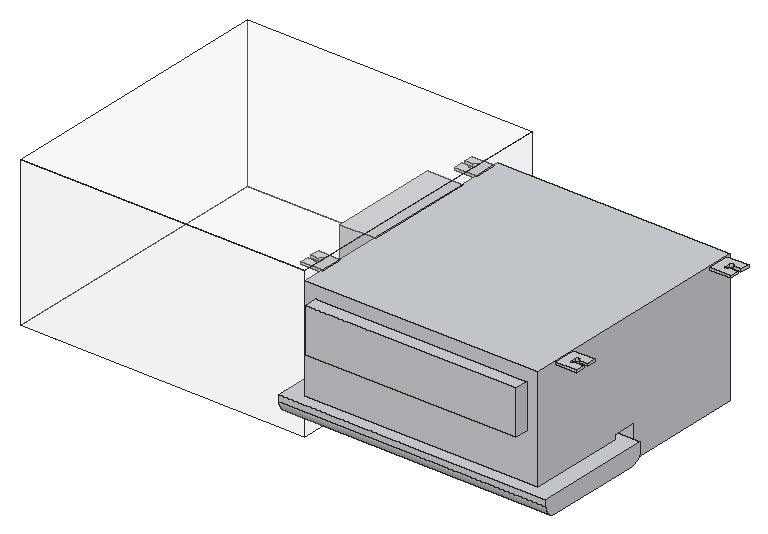
Revit family "pefy-p22_36mlg9(-r)_60Hz", category 機械設備, Revit 2019
Family settings
  丸型コネクタ寸法 = 直径を使用
  パーツ タイプ = 標準
  OmniClass 番号 = 23.75.10.24.21.27.27
  OmniClass タイトル = Split System Air Conditioning Units
  作業面ベース = いいえ
  常に垂直 = はい
  ロード時にボイドで切り取り = いいえ
  共有 = いいえ
  部屋計算ポイント = はい
Parameters (values of type "PEFY-P22MLG9")
  騒音レベル（弱）(dB) = 44
  騒音レベル（中）(dB) = 46
  風量（弱）（m3／min） = 4.8
  風量（中）（m3／min） = 5.8
  風量（m3／min） = 7.9
  音響パワーレベル(dB) = 49
  電圧_電気ヒーター = 0 V
  電動機出力_送風機 = 23 W
  運転質量 = 0.00 kg
  説明 = "ビル用マルチエアコン 室内ユニット 天井埋込形"
  設計暖房能力 [instance] = 0 kW
  設計冷房能力_顕熱 [instance] = 0 kW
  設計冷房能力 [instance] = 0 kW
  設置方法 = "天井吊(隠ぺい)形"
  製造元 = "三菱電機株式会社"
  製品質量 = 18.00 kg
  製品出荷対象 = "国内"
  製品リリース年月 = "2022年9月15日"
  製品グループ = ""
  表示 = yes
  系統 [instance] = ""
  相_電気ヒーター = 1
  盤記号 [instance] = ""
  特殊仕様 [instance] = ""
  消費電力_電気ヒーター = 0 W
  消費電力_暖房 = 70 W
  消費電力_加湿器 = 0 W
  消費電力_冷房 = 70 W
  消費電力 = if(消費電力_冷房 > 消費電力_暖房, 消費電力_冷房, 消費電力_暖房) + 消費電力_加湿器 + 消費電力_電気ヒーター  # 70 W
  法定耐用年数 = "15"
  機外静圧 = 5.0 Pa
  極数 = 1
  材質 [instance] = ""
  形式_加湿器 = ""
  形式 = "天井吊（隠ぺい）形（両ダクト形）"
  幹線記号 [instance] = ""
  呼称 = "室内機_天井吊(隠ぺい)形(両ダクト形)"
  台数_手元リモコン [instance] = ""
  台数_冷媒分岐ユニット [instance] = ""
  参照している仕様書等のバージョン = "公共建築工事標準仕様書（機械設備工事編）平成31年度版"
  加湿給水管径 = 0.00 mm
  分類コード = "50053003221070"
  分類グループ = ""
  冷媒高低圧ガス管径 = 0.00 mm
  価格 = 0
  企業コード = "108420"
  付属品_フィルター = ""
  付属品 [instance] = ""
  仕様書バージョン = "Version1.0"
  モデル = "PEFY-P22MLG9"
  コメント [instance] = ""
  Keynote = ""
  Width = 530 mm
  Version = ""
  Uniclass2015Version = "Systems v1.9"
  Uniclass2015Title = "Split coil remote air cooled condensing units"
  Uniclass2015Code = "Pr_70_65_03_84"
  URL = "https://www.mitsubishielectric.co.jp/ldg/wink/ssl/displayProduct.do?pid=320325"
  SpecificationReference = ""
  SpecificationDescription = ""
  風量 = MAX風量  # 474.0 m³/h
  電源種別 = ""
  電圧 = 200 V
  連動 = ""
  質量 = if(製品質量 > 運転質量, 製品質量, 運転質量) * 1.2  # 21.60 kg
  負荷分類 = 10_ファンコイル類
  記号 [instance] = ""
  符号 = "ACP-CID"
  積算_科目 = "1 空気調和設備"
  積算_拾い区分 [instance] = ""
  相 = 1
  発停方法 = ""
  火災停止 = ""
  本体マテリアル = none
  有効加湿量 = 0
  暖房能力 = 2.5 kW
  始動方式 = "直入"
  周波数 = 60 Hz
  冷房能力 = 2.2 kW
  冷媒管径符号 = "Ac"
  冷媒管径 = 100.00 mm
  冷媒液管径 = 6.35 mm
  冷媒ガス管径 = 12.70 mm
  ドレン管径 = 27.20 mm
  Revision = ""
  R-表示 = no
  ProductInformation = ""
  OmniClassCode = "23-33 17 13 11"
  MIN風量 = 風量（弱）（m3／min） * 60.0 m³/h  # 288.0 m³/h
  MID風量 = 風量（中）（m3／min） * 60.0 m³/h  # 348.0 m³/h
  MAX風量 = 風量（m3／min） * 60.0 m³/h  # 474.0 m³/h
  IfcTypeProduct = ""
  IfcProduct = ""
  IfcExportType = "AIRCONDITIONINGUNIT"
  IfcExportAs = "IfcUnitaryEquipmentType"
  Height = 300 mm
  Depth = 550 mm
  Author = "三菱電機株式会社"
Types (6, lengths in mm): name | 騒音レベル（弱）(dB) | 騒音レベル（中）(dB) | 風量（m3／min） | 音響パワーレベル(dB) | 電動機出力_送風機 | 表示 | 消費電力_暖房 | 消費電力_冷房 | 消費電力 | モデル | URL | 風量 | 暖房能力 | 冷房能力 | R-表示 | MAX風量
  PEFY-P22MLG9 | 44 | 46 | 7.9 | 49 | 23 W | yes | 70 W | 70 W | 70 W | "PEFY-P22MLG9" | "https://www.mitsubishielectric.co.jp/ldg/wink/ssl/displayProduct.do?pid=320325" | 474.0 m³/h | 2.5 kW | 2.2 kW | no | 474.0 m³/h
  PEFY-P22MLG9-R | 44 | 46 | 7.9 | 49 | 23 W | no | 70 W | 70 W | 70 W | "PEFY-P22MLG9-R" | "https://www.mitsubishielectric.co.jp/ldg/wink/ssl/displayProduct.do?pid=320326" | 474.0 m³/h | 2.5 kW | 2.2 kW | yes | 474.0 m³/h
  PEFY-P28MLG9 | 45 | 46 | 7.9 | 50 | 23 W | yes | 70 W | 70 W | 70 W | "PEFY-P28MLG9" | "https://www.mitsubishielectric.co.jp/ldg/wink/ssl/displayProduct.do?pid=320327" | 474.0 m³/h | 3.2 kW | 2.8 kW | no | 474.0 m³/h
  PEFY-P28MLG9-R | 45 | 46 | 7.9 | 50 | 23 W | no | 70 W | 70 W | 70 W | "PEFY-P28MLG9-R" | "https://www.mitsubishielectric.co.jp/ldg/wink/ssl/displayProduct.do?pid=320328" | 474.0 m³/h | 3.2 kW | 2.8 kW | yes | 474.0 m³/h
  PEFY-P36MLG9 | 46 | 47 | 9.3 | 53 | 28 W | yes | 90 W | 90 W | 90 W | "PEFY-P36MLG9" | "https://www.mitsubishielectric.co.jp/ldg/wink/ssl/displayProduct.do?pid=320329" | 558.0 m³/h | 4 kW | 3.6 kW | no | 558.0 m³/h
  PEFY-P36MLG9-R | 46 | 47 | 9.3 | 53 | 28 W | no | 90 W | 90 W | 90 W | "PEFY-P36MLG9-R" | "https://www.mitsubishielectric.co.jp/ldg/wink/ssl/displayProduct.do?pid=320330" | 558.0 m³/h | 4 kW | 3.6 kW | yes | 558.0 m³/h
Reference planes
  plane 1 "中心(正面/背面)": y = 0
  plane 2: z = 0
  plane 3 "中心(左/右)": x = 0
  plane 4 "左": x = -265
  plane 5 "右": x = 265
  plane 6 "正面": y = -275
  plane 7 "背面": y = 275
  plane 8: z = 300
  plane 9: z = 320
  plane 10: z = -20
  plane 11: y = 375
  plane 12: y = -375
  plane 13: x = -915
  plane 14: x = -465
  plane 15: x = 915
  plane 16: x = 465
Lines and regions (mm)
  Masking region 1, detail levels coarse+medium
    outline origin (0, 0, 0) x (1, 0, 0) y (0, 1, 0)
      loop
        line (-265, 275) -> (-265, -275) -> (265, -275) -> (265, 275) -> (-265, 275)
Dimensions and locks
  "Height": plane 8 to level
  equal spacing: plane 4 "左", plane 3 "中心(左/右)", plane 5 "右"
  "Width": plane 4 "左" to plane 5 "右"
  equal spacing: plane 6 "正面", plane 1 "中心(正面/背面)", plane 7 "背面"
  "Depth": plane 6 "正面" to plane 7 "背面"
  locked: plane 9 to plane 8 at 20
  locked: plane 2 to plane 10 at 20
  locked: plane 6 "正面" to plane 11 at 650
  locked: plane 12 to plane 7 "背面" at 650
  locked: plane 13 to plane 4 "左" at 650
  locked: plane 13 to plane 14 at 450
  locked: plane 5 "右" to plane 15 at 650
  locked: plane 16 to plane 15 at 450
  aligned and locked: level to plane 2
  aligned and locked: plane 10 to nested 3
  aligned and locked: plane 9 to nested 3
  aligned and locked: plane 2 to nested 4
  aligned and locked: plane 9 to nested 4
  aligned and locked: plane 11 to nested 3
  aligned and locked: plane 13 to nested 3
  aligned and locked: plane 6 "正面" to nested 3
  aligned and locked: plane 4 "左" to nested 3
  aligned and locked: plane 1 "中心(正面/背面)" to nested 1
  aligned and locked: nested 1 to plane 3 "中心(左/右)"
  aligned and locked: nested 2 to plane 1 "中心(正面/背面)"
  aligned and locked: nested 2 to plane 3 "中心(左/右)"
  aligned and locked: plane 15 to nested 4
  aligned and locked: plane 5 "右" to nested 4
  aligned and locked: plane 6 "正面" to nested 4
  aligned and locked: plane 11 to nested 4
Automatic sketch dimensions
  Masking region 1 sketch curve to plane 4 "左" = 0 mm
  Masking region 1 sketch curve to plane 5 "右" = 0 mm
  plane 6 "正面" to Masking region 1 sketch curve = 0 mm
  plane 7 "背面" to Masking region 1 sketch curve = 0 mm
Nested families
  nested 1: "PEFY-P-MLG" at (0, 0, 0) x (0, -1, 0) z (0, 0, 1), 表示 <- "表示", ①奥行き <- "Width", ①幅 <- "Depth", ①高さ <- "Height", ガス径 <- "冷媒ガス管径", ドレン径 <- "ドレン管径", 配管径 <- "冷媒管径", 液径 <- "冷媒液管径", type "PEFY-P-MLG"
    with 配管径 100 mm, 表示 yes, 液径 6.35 mm, 液W 27 mm, 液H 153 mm, 液D 62 mm, 吊りボルトW 439 mm, 吊りボルトH 0 mm, 吊りボルトD 584 mm, 加湿器径 0 mm, 加湿器W 0 mm, 加湿器H 0 mm, 加湿器D 0 mm, ドレン径 27.2 mm, ドレンW 109 mm, ドレンH 252 mm, ドレンD 62 mm, ダクト高 100 mm, ダクト幅 480 mm, ガス径 12.7 mm, ガスW 139 mm, ガスH 37 mm, ガスD 75 mm, ①高さ 300 mm, ①幅 550 mm, ①奥行き 530 mm
  nested 2: "PEFY-P-MLG" at (0, 0, 0) x (0, -1, 0) z (0, 0, 1), 表示 <- "R-表示", ①奥行き <- "Width", ①幅 <- "Depth", ①高さ <- "Height", type "PEFY-P-MLG"
    with 配管径 100 mm, 表示 no, 液径 6.35 mm, 液W 27 mm, 液H 153 mm, 液D 62 mm, 吊りボルトW 439 mm, 吊りボルトH 0 mm, 吊りボルトD 584 mm, 加湿器径 0 mm, 加湿器W 0 mm, 加湿器H 0 mm, 加湿器D 0 mm, ドレン径 20 mm, ドレンW 109 mm, ドレンH 252 mm, ドレンD 62 mm, ダクト高 100 mm, ダクト幅 480 mm, ガス径 12.7 mm, ガスW 139 mm, ガスH 37 mm, ガスD 75 mm, ①高さ 300 mm, ①幅 550 mm, ①奥行き 530 mm
  nested 3: "サービススペース(PEFY-P-MLG)" at (-590, 50, 150), visible <- "表示", type "サービススペース(PEFY-P-MLG)"
    with Width 650 mm, Height 340 mm, Depth 650 mm
  nested 4: "サービススペース(PEFY-P-MLG)" at (590, 50, 160), visible <- "R-表示", type "サービススペース(PEFY-P-MLG)"
    with Width 650 mm, Height 320 mm, Depth 650 mm
Connectors
  electrical at (-345, 50, 187.5), driven by "極数", driven by "負荷分類", driven by "電圧", driven by "消費電力"
    settings: on nested 1, index 1, voltage 200 V, apparent load 70 VA, apparent load phase1 0 VA, apparent load phase2 0 VA, apparent load phase3 0 VA, power factor 1, load classification "10_ファンコイル類", number of poles 1, system type 30, power factor state 1, is connector primary yes, connector utility no, sub classification motor no, connector description ""
  piping at (-327, -166, 48), diameter 27.2, driven by "ドレン管径"
    settings: on nested 1, index 2, connector inside diameter 609.60 mm, connector length 0 mm, flow factor 0, pipe flow 0.0 L/s, pressure drop 0.0 Pa, fitting loss kfactor 0, connector angle 0.00°, fixture units 0, engagement length 0 mm, angle of deflection 0.00°, flow configuration 1, flow direction 2, fitting loss method 4, system type 16, joint type 0, gender type 0, connector reference index -1, connector utility 0, adjustable connector no, is connector primary yes, connector description ""
  piping at (-327, -109, 110), diameter 6.35, driven by "冷媒液管径"
    settings: on nested 1, index 3, connector inside diameter 609.60 mm, connector length 0 mm, flow factor 0, pipe flow 0.0 L/s, pressure drop 0.0 Pa, fitting loss kfactor 0, connector angle 0.00°, fixture units 0, engagement length 0 mm, angle of deflection 0.00°, flow configuration 1, flow direction 1, fitting loss method 4, system type 7, joint type 0, gender type 0, connector reference index -1, connector utility 0, adjustable connector no, is connector primary no, connector description ""
  piping at (-340, -136, 263), diameter 12.7, driven by "冷媒ガス管径"
    settings: on nested 1, index 4, connector inside diameter 609.60 mm, connector length 0 mm, flow factor 0, pipe flow 0.0 L/s, pressure drop 0.0 Pa, fitting loss kfactor 0, connector angle 0.00°, fixture units 0, engagement length 0 mm, angle of deflection 0.00°, flow configuration 1, flow direction 1, fitting loss method 4, system type 7, joint type 0, gender type 0, connector reference index -1, connector utility 0, adjustable connector no, is connector primary no, connector description ""
  electrical at (345, 50, 187.5), driven by "極数", driven by "負荷分類", driven by "電圧", driven by "消費電力"
    settings: on nested 2, index 5, voltage 200 V, apparent load 70 VA, apparent load phase1 0 VA, apparent load phase2 0 VA, apparent load phase3 0 VA, power factor 1, load classification "10_ファンコイル類", number of poles 1, system type 30, power factor state 1, is connector primary no, connector utility no, sub classification motor no, connector description ""
  piping at (327, -166, 48), diameter 27.2, driven by "ドレン管径"
    settings: on nested 2, index 6, connector inside diameter 609.60 mm, connector length 0 mm, flow factor 0, pipe flow 0.0 L/s, pressure drop 0.0 Pa, fitting loss kfactor 0, connector angle 0.00°, fixture units 0, engagement length 0 mm, angle of deflection 0.00°, flow configuration 1, flow direction 2, fitting loss method 4, system type 16, joint type 0, gender type 0, connector reference index -1, connector utility 0, adjustable connector no, is connector primary no, connector description ""
  piping at (327, -109, 110), diameter 6.35, driven by "冷媒液管径"
    settings: on nested 2, index 7, connector inside diameter 609.60 mm, connector length 0 mm, flow factor 0, pipe flow 0.0 L/s, pressure drop 0.0 Pa, fitting loss kfactor 0, connector angle 0.00°, fixture units 0, engagement length 0 mm, angle of deflection 0.00°, flow configuration 1, flow direction 1, fitting loss method 4, system type 7, joint type 0, gender type 0, connector reference index -1, connector utility 0, adjustable connector no, is connector primary no, connector description ""
  piping at (340, -136, 263), diameter 12.7, driven by "冷媒ガス管径"
    settings: on nested 2, index 8, connector inside diameter 609.60 mm, connector length 0 mm, flow factor 0, pipe flow 0.0 L/s, pressure drop 0.0 Pa, fitting loss kfactor 0, connector angle 0.00°, fixture units 0, engagement length 0 mm, angle of deflection 0.00°, flow configuration 1, flow direction 1, fitting loss method 4, system type 7, joint type 0, gender type 0, connector reference index -1, connector utility 0, adjustable connector no, is connector primary no, connector description ""
Definition of nested family "PEFY-P-MLG"
  Parameters (values of type "PEFY-P-MLG")
    表示 [instance] = yes
    加湿器径 [instance] = 0 mm
    加湿器W [instance] = 0 mm
    加湿器H [instance] = 0 mm
    加湿器D [instance] = 0 mm
    液径 [instance] = 6.35 mm
    吊りボルトW [instance] = 439 mm
    吊りボルトH [instance] = 0 mm
    吊りボルトD [instance] = 584 mm
    配管径 [instance] = 100 mm
    液W [instance] = 27 mm
    液H [instance] = 153 mm
    液D [instance] = 62 mm
    ドレン径 [instance] = 20 mm
    ドレンW [instance] = 109 mm
    ドレンH [instance] = 252 mm
    ドレンD [instance] = 62 mm
    ダクト高 [instance] = 100 mm
    ダクト幅 [instance] = 480 mm
    ガス径 [instance] = 12.7 mm
    ガスW [instance] = 139 mm
    ガスH [instance] = 37 mm
    ガスD [instance] = 75 mm
    ①幅 [instance] = 550 mm
    ①高さ [instance] = 300 mm
    ①奥行き [instance] = 530 mm
  Reference planes
    plane 1 "中心(正面/背面)": y = 0
    plane 2: z = 0
    plane 3 "中心(左/右)": x = 0
    plane 4: x = -275
    plane 5: x = 275
    plane 6: y = 265
    plane 7: y = -265
    plane 8: z = 300
    plane 9: y = 292
    plane 10: y = -292
    plane 11: x = -239
    plane 12: x = 200
    plane 13: z = 295
    plane 14: x = 305
    plane 15: x = -214
    plane 16: x = -264
    plane 17: x = 175
    plane 18: x = 225
    plane 19: y = 315
    plane 20: y = -315
    plane 21: y = -345
    plane 22: z = 75
    plane 23: z = 25
    plane 24: x = 32
    plane 25: x = 75
    plane 26: x = -175
    plane 27: y = 305
    plane 28: y = -305
    plane 29: x = 300
    plane 30: x = 166
    plane 31: z = 65
    plane 32: z = 48
    plane 33: y = -327
    plane 34: y = -240
    plane 35: y = 240
    plane 36: z = 272
    plane 37: z = 172
    plane 38: y = -340
    plane 39: x = 109
    plane 40: x = 136
    plane 41: z = 263
    plane 42: z = 110
  Forms (mm)
    Extrusion 1, solid, visible <- "表示", detail levels fine
      sketch origin (0, 0, 0) x (1, 0, 0) y (0, 1, 0)
        loop
          line (-275, 265) -> (-275, -265) -> (275, -265) -> (275, 265) -> (-275, 265)
      from 75 to 300
    Extrusion 2, solid, visible <- "表示", detail levels fine
      sketch origin (0, 0, 0) x (1, 0, 0) y (0, 1, 0)
        loop
          line (-264, 315) -> (-264, 265) -> (-214, 265) -> (-214, 315) -> (-234, 315) -> (-234, 297)
          arc (-234, 297) -> (-229, 292) -> (-234, 287) r 5
          line (-234, 287) -> (-244, 287)
          arc (-244, 287) -> (-249, 292) -> (-244, 297) r 5
          line (-244, 297) -> (-244, 315) -> (-264, 315)
        loop
          line (-264, -315) -> (-244, -315) -> (-244, -297)
          arc (-244, -297) -> (-249, -292) -> (-244, -287) r 5
          line (-244, -287) -> (-234, -287)
          arc (-234, -287) -> (-229, -292) -> (-234, -297) r 5
          line (-234, -297) -> (-234, -315) -> (-214, -315) -> (-214, -265) -> (-264, -265) -> (-264, -315)
        loop
          line (175, 315) -> (175, 265) -> (225, 265) -> (225, 315) -> (205, 315) -> (205, 297)
          arc (205, 297) -> (210, 292) -> (205, 287) r 5
          line (205, 287) -> (195, 287)
          arc (195, 287) -> (190, 292) -> (195, 297) r 5
          line (195, 297) -> (195, 315) -> (175, 315)
        loop
          line (175, -315) -> (195, -315) -> (195, -297)
          arc (195, -297) -> (190, -292) -> (195, -287) r 5
          line (195, -287) -> (205, -287)
          arc (205, -287) -> (210, -292) -> (205, -297) r 5
          line (205, -297) -> (205, -315) -> (225, -315) -> (225, -265) -> (175, -265) -> (175, -315)
      from 295 to 300
    Extrusion 3, solid, visible <- "表示", detail levels fine
      sketch origin (0, 0, 0) x (1, 0, 0) y (0, 1, 0)
        loop
          line (0, 265) -> (-275, 265) -> (-275, -265) -> (0, -265) -> (0, 265)
      from 0 to 75
    Extrusion 4, solid, visible <- "表示", detail levels fine
      sketch origin (0, 0, 0) x (1, 0, 0) y (0, 0, 1)
        loop
          line (-175, 300) -> (-175, 75) -> (75, 75) -> (75, 300) -> (-175, 300)
      from 265 to 345
    Extrusion 5, solid, visible <- "表示", detail levels fine
      sketch origin (0, 0, 0) x (1, 0, 0) y (0, 0, 1)
        loop
          line (32, 65) -> (32, 50)
          arc (32, 50) -> (39.322, 32.322) -> (57, 25) r 25
          line (57, 25) -> (275, 25)
          arc (275, 25) -> (292.678, 32.322) -> (300, 50) r 25
          line (300, 50) -> (300, 65) -> (32, 65)
      from -305 to 305
    Extrusion 6, solid, visible <- "表示", detail levels fine
      sketch origin (0, 0, 0) x (1, 0, 0) y (0, 0, 1)
        loop
          circle (166, 48) r 10
      from 305 to 327
    Extrusion 7, solid, visible <- "表示", detail levels fine
      sketch origin (0, 0, 0) x (1, 0, 0) y (0, 1, 0)
        loop
          line (275, 265) -> (55, 265) -> (55, -265) -> (275, -265) -> (275, 265)
      from 65 to 75
    Extrusion 8, solid, visible <- "表示", detail levels fine
      sketch origin (0, 0, 0) x (0, 1, 0) y (0, 0, 1)
        loop
          line (240, 272) -> (-240, 272) -> (-240, 172) -> (240, 172) -> (240, 272)
      from 275 to 305
    Extrusion 9, solid, visible <- "表示", detail levels fine
      sketch origin (0, 0, 0) x (1, 0, 0) y (0, 0, 1)
        loop
          circle (136, 263) r 6.35
      from 265 to 340
    Extrusion 10, solid, visible <- "表示", detail levels fine
      sketch origin (0, 0, 0) x (1, 0, 0) y (0, 0, 1)
        loop
          circle (109, 110) r 3.175
      from 265 to 327
  Cuts and joins
    joined: Extrusion 1, Extrusion 3, Extrusion 7
  Dimensions and locks
    equal spacing: plane 7, plane 1 "中心(正面/背面)", plane 6
    "①奥行き": plane 7 to plane 6
    equal spacing: plane 4, plane 3 "中心(左/右)", plane 5
    "①幅": plane 4 to plane 5
    "吊りボルトW": plane 11 to plane 12
    locked: plane 8 to plane 13 at 5
    "吊りボルトD": plane 10 to plane 9
    equal spacing: plane 10, plane 1 "中心(正面/背面)", plane 9
    locked: plane 5 to plane 14 at 30
    locked: plane 12 to plane 14 at 105
    locked: plane 20 to plane 7 at 50
    locked: plane 6 to plane 19 at 50
    plane 16 to plane 11 to plane 15 = 25 mm locked, 25 mm locked
    plane 17 to plane 12 to plane 18 = 25 mm locked, 25 mm locked
    locked: plane 21 to plane 7 at 80
    "①高さ": plane 8 to level
    locked: plane 8 to plane 22 at 225
    locked: plane 4 to plane 26 at 100
    locked: plane 26 to plane 25 at 250
    locked: plane 21 to plane 27 at 650
    locked: plane 28 to plane 7 at 40
    plane 6 to plane 27 = 40 mm
    locked: plane 5 to plane 29 at 25
    locked: plane 24 to plane 29 at 268
    "ドレンW": plane 5 to plane 30
    locked: plane 22 to plane 31 at 10
    locked: plane 22 to plane 23 at 50
    "ドレンH": plane 8 to plane 32
    "ドレンD": plane 33 to plane 7
    locked: plane 7 to plane 34 at 25
    "ダクト幅": plane 34 to plane 35
    locked: plane 8 to plane 36 at 28
    "ダクト高": plane 36 to plane 37
    "ガスD": plane 38 to plane 7
    "ガスW": plane 5 to plane 40
    "液W": plane 40 to plane 39
    "ガスH": plane 8 to plane 41
    "液H": plane 41 to plane 42
    "ドレン径": diameter of Extrusion 6 sketch curve
    "ガス径": diameter of Extrusion 9 sketch curve
    "液径": diameter of Extrusion 10 sketch curve
    aligned and locked: level to plane 2
    aligned and locked: plane 6 to Extrusion 1 sketch curve
    aligned and locked: plane 4 to Extrusion 1 sketch curve
    aligned and locked: Extrusion 1 sketch curve to plane 7
    aligned and locked: Extrusion 1 sketch curve to plane 5
    aligned and locked: plane 8 to Extrusion 1
    aligned and locked: plane 10 to nested 1
    aligned and locked: plane 11 to nested 1
    aligned and locked: plane 12 to nested 1
    aligned and locked: nested 1 to plane 9
    aligned and locked: plane 19 to Extrusion 2 sketch curve  (x4)
    aligned and locked: plane 16 to Extrusion 2 sketch curve
    aligned and locked: Extrusion 2 sketch curve to plane 6  (x2)
    aligned and locked: Extrusion 2 sketch curve to plane 15
    aligned and locked: plane 9 to Extrusion 2 sketch curve  (x4)
    aligned and locked: Extrusion 2 sketch curve to plane 18
    aligned and locked: plane 17 to Extrusion 2 sketch curve
    aligned and locked: Extrusion 2 sketch curve to plane 16
    aligned and locked: Extrusion 2 sketch curve to plane 7  (x2)
    aligned and locked: plane 15 to Extrusion 2 sketch curve
    aligned and locked: plane 20 to Extrusion 2 sketch curve  (x4)
    aligned and locked: plane 10 to Extrusion 2 sketch curve  (x4)
    aligned and locked: plane 18 to Extrusion 2 sketch curve
    aligned and locked: Extrusion 2 sketch curve to plane 17
    aligned and locked: plane 8 to Extrusion 2
    aligned and locked: Extrusion 2 to plane 13
    aligned and locked: Extrusion 1 to plane 22
    aligned and locked: Extrusion 1 to Extrusion 3 sketch curve
    aligned and locked: plane 3 "中心(左/右)" to Extrusion 3 sketch curve
    aligned and locked: Extrusion 3 sketch curve to Extrusion 1  (x2)
    aligned and locked: Extrusion 3 to Extrusion 1
    aligned and locked: Extrusion 4 sketch curve to plane 8
    aligned and locked: plane 26 to Extrusion 4 sketch curve
    aligned and locked: plane 22 to Extrusion 4 sketch curve
    aligned and locked: Extrusion 4 sketch curve to plane 25
    aligned and locked: plane 21 to Extrusion 4
    aligned and locked: Extrusion 4 to plane 7
    aligned and locked: Extrusion 5 sketch curve to plane 31
    aligned and locked: Extrusion 5 sketch curve to plane 24
    aligned and locked: Extrusion 5 sketch curve to plane 29
    aligned and locked: Extrusion 5 sketch curve to plane 23
    aligned and locked: plane 32 to Extrusion 6 sketch curve
    aligned and locked: plane 30 to Extrusion 6 sketch curve
    aligned and locked: plane 28 to Extrusion 5
    aligned and locked: Extrusion 5 to plane 27
    aligned and locked: plane 33 to Extrusion 6
    aligned and locked: Extrusion 6 to plane 28
    aligned and locked: Extrusion 7 sketch curve to plane 5
    aligned and locked: Extrusion 7 sketch curve to plane 6
    aligned and locked: Extrusion 7 sketch curve to plane 7
    aligned and locked: Extrusion 7 to plane 31
    aligned and locked: plane 22 to Extrusion 7
    aligned and locked: plane 36 to Extrusion 8 sketch curve
    aligned and locked: Extrusion 8 sketch curve to plane 37
    aligned and locked: plane 34 to Extrusion 8 sketch curve
    aligned and locked: Extrusion 8 to plane 5
    aligned and locked: plane 14 to Extrusion 8
    aligned and locked: plane 41 to Extrusion 9 sketch curve
    aligned and locked: plane 40 to Extrusion 9 sketch curve
    aligned and locked: plane 39 to Extrusion 10 sketch curve
    aligned and locked: plane 42 to Extrusion 10 sketch curve
    aligned and locked: Extrusion 10 to Extrusion 6
    aligned and locked: Extrusion 10 to plane 7
    aligned and locked: Extrusion 9 to plane 7
    aligned and locked: plane 38 to Extrusion 9
  Automatic sketch dimensions
    Extrusion 2 sketch curve to plane 11 = 5 mm  (x4)
    plane 11 to Extrusion 2 sketch curve = 5 mm  (x3)
    Extrusion 2 sketch curve to plane 12 = 5 mm  (x3)
    plane 12 to Extrusion 2 sketch curve = 5 mm  (x3)
    Extrusion 2 sketch curve to Extrusion 2 sketch curve = 5 mm  (x2)
    plane 9 to Extrusion 2 sketch curve = 5 mm  (x2)
    Extrusion 2 sketch curve to Extrusion 2 sketch curve = 0 mm
    Extrusion 5 sketch curve to plane 31 = 15 mm
    Extrusion 5 sketch curve to plane 5 = 0 mm
    Extrusion 7 sketch curve to plane 25 = 20 mm
    Extrusion 8 sketch curve to plane 35 = 0 mm
  Nested families
    nested 1: "固定点" at (-239, -292, 0), visible <- "表示", type "固定点", detail levels fine
      with W 439 mm, D 584 mm, 中心円 10 mm
  Definition of nested family "固定点"
    Parameters (values of type "固定点")
      中心円 = 20 mm
      W [instance] = 1000 mm
      D [instance] = 1000 mm
    Reference planes
      plane 1 "中心(正面/背面)": y = 0
      plane 2: z = 0
      plane 3 "中心(左/右)": x = 0
      plane 4: x = 1000
      plane 5: y = 1000
    Lines and regions (mm)
      symbolic lines, detail levels fine
        curve 1: circle (0, 1000, 0) r 10 normal (0, 0, 1)
        curve 2: circle (0, 0, 0) r 10 normal (0, 0, 1)
        curve 3: circle (1000, 1000, 0) r 10 normal (0, 0, 1)
        curve 4: circle (1000, 0, 0) r 10 normal (0, 0, 1)
        curve 5: line (-200, 1000, 0) -> (1200, 1000, 0)
        curve 6: line (-200, 0, 0) -> (1200, 0, 0)
        curve 7: line (0, 1200, 0) -> (0, -200, 0)
        curve 8: line (1000, 1200, 0) -> (1000, -200, 0)
    Dimensions and locks
      "W": plane 3 "中心(左/右)" to plane 4
      "D": plane 1 "中心(正面/背面)" to plane 5
      "中心円": diameter of curve 1
      "中心円": diameter of curve 2
      "中心円": diameter of curve 3
      "中心円": diameter of curve 4
      aligned and locked: level to plane 2
      aligned and locked: plane 5 to curve 1
      aligned and locked: plane 3 "中心(左/右)" to curve 1
      aligned and locked: plane 3 "中心(左/右)" to curve 2
      aligned and locked: plane 1 "中心(正面/背面)" to curve 2
      aligned and locked: plane 4 to curve 3
      aligned and locked: plane 5 to curve 3
      aligned and locked: plane 1 "中心(正面/背面)" to curve 4
      aligned and locked: plane 4 to curve 4
      aligned and locked: plane 1 "中心(正面/背面)" to curve 6
      aligned and locked: curve 7 to plane 3 "中心(左/右)"
      aligned and locked: curve 8 to plane 4
    Automatic sketch dimensions
      curve 5 to plane 5 = 0 mm
      curve 6 to plane 3 "中心(左/右)" = 200 mm
      curve 5 to plane 3 "中心(左/右)" = 200 mm
      curve 4 to curve 6 = 200 mm
      curve 3 to curve 5 = 200 mm
      plane 1 "中心(正面/背面)" to curve 8 = 200 mm
      plane 1 "中心(正面/背面)" to curve 7 = 200 mm
      curve 3 to curve 8 = 200 mm
      curve 1 to curve 7 = 200 mm
Definition of nested family "サービススペース(PEFY-P-MLG)"
  Parameters (values of type "サービススペース")
    Width [instance] = 500 mm
    Height [instance] = 500 mm
    Depth [instance] = 500 mm
  Reference planes
    plane 1 "中心(正面/背面)": y = 0
    plane 2: z = 0
    plane 3 "中心(左/右)": x = 0
    plane 4: y = -250
    plane 5: x = 250
    plane 6: y = 250
    plane 7: x = -250
    plane 8: z = 250
    plane 9: z = -250
  Forms (mm)
    Extrusion 1, solid
      sketch origin (-638.939, 0, 72.39) x (1, 0, 0) y (0, 1, 0)
        loop
          line (388.939, 250) -> (388.939, -250) -> (888.939, -250) -> (888.939, 250) -> (388.939, 250)
      from -322.39 to 177.61
  Lines and regions (mm)
    symbolic lines
      curve 1: line (-250, 0, 250) -> (250, 0, 250)
      curve 2: line (-250, 0, -250) -> (-250, 0, 250)
      curve 3: line (250, 0, -250) -> (-250, 0, -250)
      curve 4: line (250, 0, 250) -> (250, 0, -250)
      curve 5: line (0, -250, 250) -> (0, 250, 250)
      curve 6: line (0, -250, -250) -> (0, -250, 250)
      curve 7: line (0, 250, -250) -> (0, -250, -250)
      curve 8: line (0, 250, 250) -> (0, 250, -250)
      curve 9: line (-250, 250, 0) -> (250, 250, 0)
      curve 10: line (-250, -250, 0) -> (-250, 250, 0)
      curve 11: line (250, -250, 0) -> (-250, -250, 0)
      curve 12: line (250, 250, 0) -> (250, -250, 0)
  Dimensions and locks
    equal spacing: plane 7, plane 3 "中心(左/右)", plane 5
    equal spacing: plane 4, plane 1 "中心(正面/背面)", plane 6
    "Depth": plane 4 to plane 6
    "Width": plane 7 to plane 5
    equal spacing: plane 8, plane 2, plane 9
    "Height": plane 8 to plane 9
    aligned and locked: plane 9 to curve 3
    aligned and locked: plane 7 to curve 2
    aligned and locked: curve 4 to plane 5
    aligned and locked: plane 5 to Extrusion 1
    aligned and locked: Extrusion 1 to plane 7
    aligned and locked: Extrusion 1 to plane 9
    aligned and locked: plane 8 to Extrusion 1
    aligned and locked: plane 9 to curve 7
  Automatic sketch dimensions
    plane 4 to Extrusion 1 sketch curve = 0 mm
    Extrusion 1 sketch curve to plane 7 = 0 mm
    Extrusion 1 sketch curve to plane 5 = 0 mm
    plane 6 to Extrusion 1 sketch curve = 0 mm
    curve 2 to plane 8 = 0 mm
    plane 4 to curve 11 = 0 mm
    curve 11 to plane 7 = 0 mm
    curve 11 to plane 5 = 0 mm
    plane 6 to curve 10 = 0 mm
    curve 7 to plane 4 = 0 mm
    curve 7 to plane 6 = 0 mm
    curve 6 to plane 8 = 0 mm
